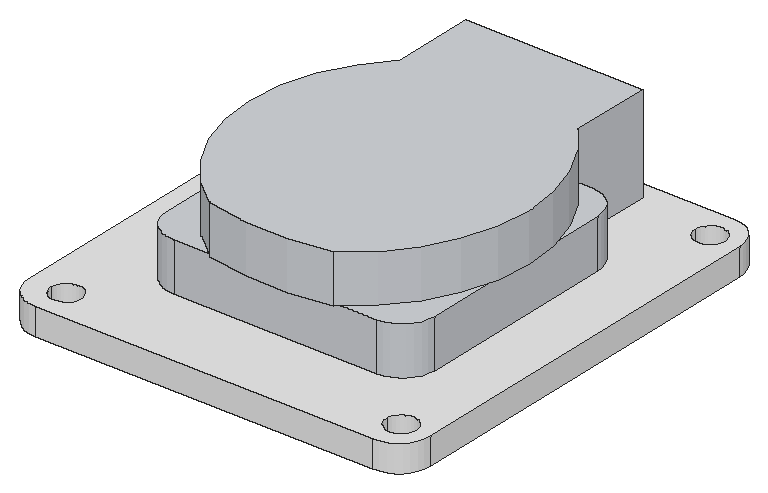
Revit family "Building-ConnessioniIEC309-GEWISS-IEC309HP-PRESA_FISSA_INC_ST_FRANCESE", category Apparecchi elettrici, host Superficie, Revit 2019
Family settings
  Host = Superficie
  Mantenere orientamento annotazione = Sì
  Quota connettore circolare = Usa diametro
  Tipo di parte = Normale
  Taglio con vuoti quando caricato = No
  Condiviso = No
  Punto di calcolo locali = Sì
Parameters (values of type "GW62394 - PRESA FRANCESE IP54 CON FLANGIA")
  simbolo acceso [instance] = yes
  distanza_simbolo [instance] = 1 mm
  distanza dal piano [instance] = 0 mm
  W = 115 mm  # constant formula
  Versione file RFA = "21.11"
  URL = "https://www.gewiss.com/it/it"
  Tipo Cablaggio = "A vite"
  Termopressione con biglia = "125 °C (Parti attive) - 80 °C (Parti passive)"
  Tensione nominale = "230V"
  Temperatura di utilizzo = "-25 +55 °C"
  Standard = "Francese"
  Spostamento_effettivo_S [instance] = 4000 mm - Spostamento_S  # 3043.5 mm
  Spostamento_S = 956.5 mm
  Sportello_visibile = yes
  Scheda Tecnica = "https://www.gewiss.com/it/it/search?q=GW62394"
  SPinotto = Default(2)
  SEO = "Presa"
  Prospetto di default = 500 mm
  Produttore = "GEWISS S.p.A."
  Prodotto a stock = ""
  Piastra = Default(2)
  N. poli = "2P+T"
  Modello = "GW62394"
  L = 155 mm  # constant formula
  Immagine tipo = <Nessuno>
  IDT = "352582b9d6f34e52b9ed5e1fa65b8919"
  IDF = "a3766089-ae9e-4832-96cd-c1b55b711554"
  Grado di protezione = "IP54"
  Glow wire test: = "850 °C (Parti attive) - 650 °C (Parti passive)"
  Frequenza = "50/60 Hz"
  FORMULA = 1000 mm * 1  # 1000 mm
  Dimensioni flangia (mm) = "50x50"
  Descrizione = "PRESA FRANCESE IP54 CON FLANGIA"
  Creato da GEWISS S.p.A. = ""
  Corrente nominale (A) = "16"
  Corpo centrale = Default(2)
  Colore: = "Blu"
  Catalogo = "BUILDING"
  COBie.Tagnumber = ""
  COBie.CreatedOn = ""
  COBie.CreatebBy = ""
  COBie.ComponentRegisterItemID = ""
  COBie.Component.TagNumber = ""
  COBie.Component.Space = ""
  COBie.Component.SerialNumber = ""
  COBie.Component.InstallationDate = ""
  COBie.Component.Description = ""
  COBie.Component.BarCode = ""
  BLOCCO = "B=C"
Reference planes
  plane 1 "Centro (Fronte/Retro)": y = 0
  plane 2: z = 0
  plane 3 "Centro (Sinistra/Destra)": x = 0
  plane 4: x = -3000
  plane 5: x = 43.5
  plane 6: z = 0
Dimensions and locks
  plane 4 to plane 3 "Centro (Sinistra/Destra)" = 3000 mm
  "Spostamento_effettivo_S": plane 4 to plane 5
  "distanza dal piano": plane 6 to plane 2
  aligned and locked: plane 2 to host face
  aligned and locked: level to host face
  aligned and locked: nested 1 to plane 5
  aligned and locked: plane 1 "Centro (Fronte/Retro)" to nested 2
  aligned and locked: plane 3 "Centro (Sinistra/Destra)" to nested 2
Automatic sketch dimensions
  host sketch curve to host sketch curve = 2438.4 mm  (x2)
Nested families
  nested 1: "GWGW62201FH - SIMBOLO_PRESA" at (43.5, 171.559, 0), visible <- "simbolo acceso", Distanza dal muro <- "distanza_simbolo", type "3P"
    with SIMBOLO ACCESO yes, Distanza dal muro 1 mm
  nested 2: "IEC309 PRESA FISSA INCASSO STANDARD TEDESCO 16A_base" at (0, 0, 0), type "IEC309 PRESA FISSA INCASSO STANDARD TEDESCO 16A_base"
Definition of nested family "IEC309 PRESA FISSA INCASSO STANDARD TEDESCO 16A_base"
  Parameters (values of type "IEC309 PRESA FISSA INCASSO STANDARD TEDESCO 16A_base")
    sp_ghiera = 16 mm
    h = 84 mm  # constant formula
    dis_base = 71 mm
    Sportello = yes
    Spinotto = none
    PIASTRA = none
    CENTRALE = none
    Bsae = 75 mm  # constant formula
  Reference planes
    plane 1 "Centro (Fronte/Retro)": y = 0
    plane 2: z = 0
    plane 3 "Centro (Sinistra/Destra)": x = 0
    plane 4: x = 75
    plane 5: y = 84
    plane 6: z = 5
    plane 7: x = 13.244
    plane 8: y = 15.586
    plane 9: y = 65.605
    plane 10: x = 63.263
    plane 11: z = 14.044
    plane 12: z = 23.044
  Forms (mm)
    Extrusion 1, solid, material <- "PIASTRA"
      sketch origin (0, 0, 0) x (1, 0, 0) y (0, 1, 0)
        loop
          line (0, 78) -> (0, 6)
          arc (0, 6) -> (1.757, 1.757) -> (6, 0) r 6
          line (6, 0) -> (69, 0)
          arc (69, 0) -> (73.243, 1.757) -> (75, 6) r 6
          line (75, 6) -> (75, 78)
          arc (75, 78) -> (73.243, 82.243) -> (69, 84) r 6
          line (69, 84) -> (6, 84)
          arc (6, 84) -> (1.757, 82.243) -> (0, 78) r 6
      from 0 to 5
    Extrusion 2, solid
      sketch origin (0, 0, 0) x (1, 0, 0) y (0, 1, 0)
        loop
          arc (19.244, 65.605) -> (15.002, 63.847) -> (13.244, 59.605) r 6
          line (13.244, 59.605) -> (13.244, 21.586)
          arc (13.244, 21.586) -> (15.002, 17.343) -> (19.244, 15.586) r 6
          line (19.244, 15.586) -> (57.263, 15.586)
          arc (57.263, 15.586) -> (61.506, 17.343) -> (63.263, 21.586) r 6
          line (63.263, 21.586) -> (63.263, 59.605)
          arc (63.263, 59.605) -> (61.506, 63.847) -> (57.263, 65.605) r 6
          line (57.263, 65.605) -> (19.244, 65.605)
      from 5 to 14.044
    Extrusion 3, void
      sketch origin (0, 0, 0) x (1, 0, 0) y (0, 1, 0)
        loop
          circle (6.956, 78.02) r 2.851
        loop
          circle (69.552, 78.02) r 2.851
        loop
          circle (6.956, 5.98) r 2.851
        loop
          circle (69.552, 5.98) r 2.851
      from 0 to 5
    Extrusion 4, solid
      sketch origin (0, 0, 0) x (1, 0, 0) y (0, 1, 0)
        loop
          line (21.741, 80.673) -> (21.741, 65.605)
          arc (21.741, 65.605) -> (12.323, 39.096) -> (26.662, 14.893) r 33.157
          arc (26.662, 14.893) -> (38.254, 13.587) -> (49.846, 14.893) r 52.094
          arc (49.846, 14.893) -> (64.185, 39.096) -> (54.767, 65.605) r 33.157
          line (54.767, 65.605) -> (54.767, 80.673) -> (21.741, 80.673)
      from 14.044 to 23.044
    Extrusion 5, solid
      sketch origin (0, 0, 0) x (1, 0, 0) y (0, 1, 0)
        loop
          line (54.767, 80.673) -> (21.741, 80.673) -> (21.741, 65.605) -> (54.767, 65.605) -> (54.767, 80.673)
      from 5 to 23.044
  Cuts and joins
    Extrusion 3 cuts Extrusion 1
    joined: Extrusion 4, Extrusion 5
  Dimensions and locks
    "Bsae": plane 3 "Centro (Sinistra/Destra)" to plane 4
    "h": plane 1 "Centro (Fronte/Retro)" to plane 5
    locked: plane 6 to level at 5
    locked: plane 5 to plane 9 at 18.395
    locked: plane 3 "Centro (Sinistra/Destra)" to plane 7 at 13.244
    locked: plane 10 to plane 4 at 11.737
    locked: plane 1 "Centro (Fronte/Retro)" to plane 8 at 15.586
    locked: plane 11 to plane 6 at 9.044
    plane 1 "Centro (Fronte/Retro)" to Extrusion 4 = 80.673 mm
    locked: plane 12 to plane 11 at 9
    plane 11 to plane 6 = 9.044 mm
    radius of Extrusion 1 sketch curve = 6 mm  (x4)
    radius of Extrusion 2 sketch curve = 6 mm  (x4)
    aligned and locked: level to plane 2
    aligned and locked: Extrusion 1 sketch curve to plane 3 "Centro (Sinistra/Destra)"
    aligned and locked: Extrusion 1 sketch curve to plane 5
    aligned and locked: Extrusion 1 sketch curve to plane 4
    aligned and locked: Extrusion 1 sketch curve to plane 1 "Centro (Fronte/Retro)"
    aligned and locked: plane 6 to Extrusion 1
    aligned and locked: Extrusion 2 sketch curve to plane 9
    aligned and locked: Extrusion 2 sketch curve to plane 10
    aligned and locked: Extrusion 2 sketch curve to plane 7
    aligned and locked: Extrusion 2 to plane 6
    aligned and locked: plane 11 to Extrusion 2
    aligned and locked: plane 12 to Extrusion 4
    aligned and locked: Extrusion 4 to Extrusion 2
    aligned and locked: Extrusion 1 to Extrusion 3
    aligned and locked: Extrusion 5 sketch curve to Extrusion 4  (x3)
    aligned and locked: Extrusion 5 sketch curve to plane 9
    aligned and locked: Extrusion 5 to plane 6
    aligned and locked: plane 12 to Extrusion 5
  Automatic sketch dimensions
    plane 8 to Extrusion 2 sketch curve = 0 mm
    Extrusion 3 sketch curve to plane 7 = 6.288 mm  (x2)
    plane 4 to Extrusion 3 sketch curve = 5.448 mm  (x2)
    Extrusion 3 sketch curve to plane 1 "Centro (Fronte/Retro)" = 5.98 mm  (x2)
    Extrusion 3 sketch curve to plane 5 = 5.98 mm  (x2)
    Extrusion 4 sketch curve to plane 9 = 0 mm
    Extrusion 4 sketch curve to plane 5 = 3.327 mm
    plane 7 to Extrusion 4 sketch curve = 8.497 mm
    plane 7 to Extrusion 4 sketch curve = 17.938 mm
    plane 9 to Extrusion 4 sketch curve = 0.076 mm
    Extrusion 4 sketch curve to Extrusion 4 sketch curve = 16.513 mm
    Extrusion 4 sketch curve to Extrusion 4 sketch curve = 14.144 mm
    plane 10 to Extrusion 4 sketch curve = 8.497 mm
    Extrusion 4 sketch curve to plane 9 = 23.306 mm
    Extrusion 4 sketch curve to Extrusion 4 sketch curve = 0 mm
    plane 9 to Extrusion 4 sketch curve = 0 mm
    plane 8 to Extrusion 4 sketch curve = 0.693 mm
    radius of Extrusion 3 sketch curve = 2.851 mm  (x4)
Definition of nested family "GWGW62201FH - SIMBOLO_PRESA"
  Parameters (values of type "3P")
    SIMBOLO ACCESO [instance] = yes
    Distanza dal muro [instance] = 0 mm
  Reference planes
    plane 1: y = 0
    plane 2: x = 0
  Dimensions and locks
    "Distanza dal muro": plane 1 to nested 1
    aligned and locked: plane 2 to nested 1
  Nested families
    nested 1: "GWGW62201FH - SIMBOLO" at (0, 0, 0), visible <- "SIMBOLO ACCESO", type "3P"
  Definition of nested family "GWGW62201FH - SIMBOLO"
    Parameters (values of type "3P")
      CORNICE SIMBOLO [instance] = yes
      3P = yes
    Reference planes
      plane 1: y = 0
      plane 2: x = 0
    Lines and regions (mm)
      detail lines
        curve 1: circle (-0.314, 0.674, 0) r 0.057 normal (0, 0, 1)
        curve 2: arc (0.346, -0.009, 0) -> (0, 0.337, 0) -> (-0.346, -0.009, 0) r 0.346
        curve 3: line (0, 0.337, 0) -> (0.346, 0.337, 0)
        curve 4: line (0, 3.386, 0) -> (0, 0.337, 0)
        curve 5: line (0, 0.337, 0) -> (-0.314, 0.674, 0)
